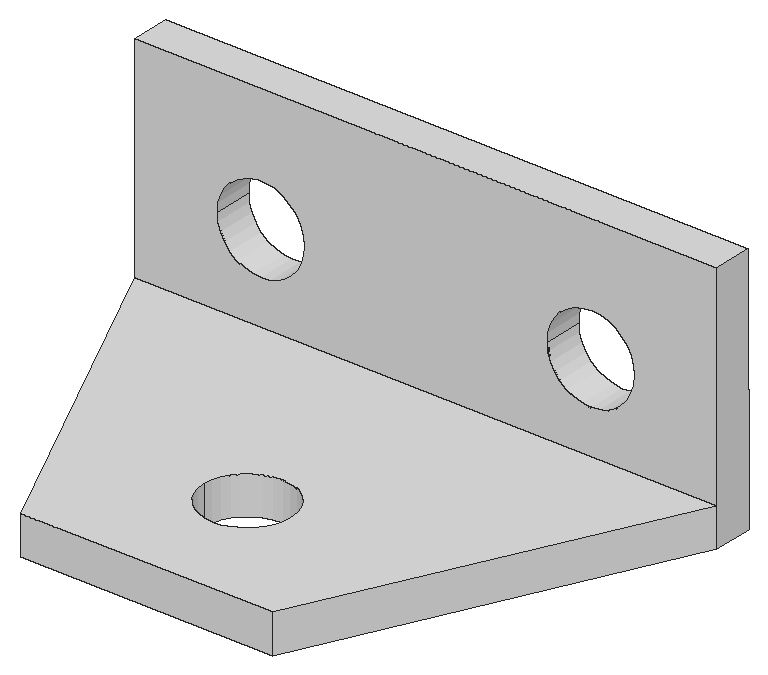
Revit family "P6357_Fittings", category Generic Models, Revit 2020
Family settings
  Can host rebar = No
  Round Connector Dimension = Use Diameter
  Part Type = Normal
  Work Plane-Based = Yes
  Always vertical = No
  Cut with Voids When Loaded = No
  Shared = No
  Room Calculation Point = No
Parameters (values of type "P6357 EG")
  Weight = 0.1 lbf
  URL = "https://www.atkore.com/products/strut-and-fittings/p6357"
  UPC = "\"786364042756\""
  Type Comments = ""
  Salsify ID6 = ""
  Salsify ID5 = ""
  Salsify ID4 = ""
  Salsify ID3 = ""
  Salsify ID2 = ""
  Salsify ID1 = "US-P6357"
  Power-Strut Part Number = ""
  Part Number = "P6357 EG"
  Model = "P6357"
  Manufacturer = "Atkore Unistrut"
  Material = Electro Galvanized
  Disclaimer = ""
  Description = "P6357 - Fittings"
  Default Elevation = 0.000"
  Cost = 0
Reference planes (in)
  plane 1 "Center (Front/Back)": y = 0
  plane 2: z = 0
  plane 3 "Center (Left/Right)": x = 0
  plane 4: x = -0.67183
  plane 5: x = -0.3906
  plane 6: x = 0.67183
  plane 7: x = 0.3906
Forms (in)
  Extrusion 1, solid, material "Electro Galvanized" <- "Material"
    sketch origin (0, 0, 0) x (1, 0, 0) y (0, 1, 0)
      loop
        line (-0.93743, -0.125) -> (-0.40622, -1.24993) -> (0.40622, -1.24993) -> (0.93742, -0.125) -> (-0.93743, -0.125)
      loop
        circle (-0.00001, -0.84371) r 0.14062
    from 0 to 0.125
  Extrusion 2, solid, material "Electro Galvanized" <- "Material"
    sketch origin (0, 0, 0) x (1, 0, 0) y (0, 0, 1)
      loop
        line (-0.93745, 0.81246) -> (-0.93745, 0) -> (0.93742, 0) -> (0.93742, 0.81246) -> (-0.93745, 0.81246)
      loop
        circle (-0.53122, 0.40624) r 0.14062
      loop
        circle (0.53122, 0.40624) r 0.14062
    from 0 to 0.125
Dimensions and locks (in)
  aligned and locked: plane 2 to level
